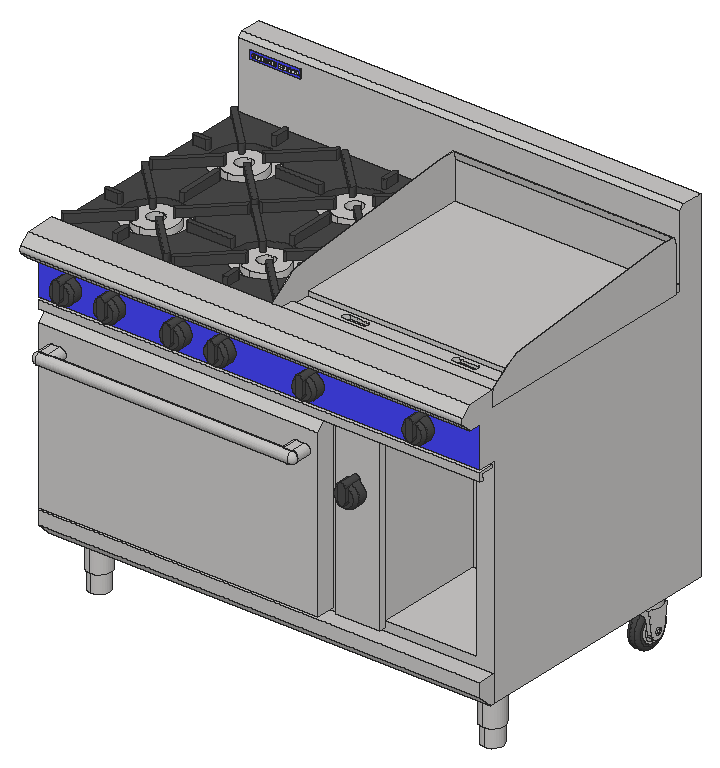
Revit family "QF_MOFFAT_BLUESEAL_CE_GE58B", category Specialty Equipment, Revit 2012
Parameters
  Width = 1200 mm
  Weight in Pounds = 485
  Watts = 6600 W
  Volts = 400 V
  URL Cutsheet = "www.moffat.com"
  URL = "www.moffat.com"
  Type Mark [instance] = ""
  Status [instance] = ""
  Specification by User [instance] = ""
  Specification by Manufacturer = ""
  Show Logo [instance] = yes
  Show Clearance [instance] = yes
  Show Casters [instance] = yes
  Serial Number = ""
  Seismic Rating = ""
  SMACNA No = ""
  Revision Code [instance] = ""
  Phase = 3
  Omniclass Number and Title = ""
  Number of Poles [instance] = 1
  NAFEM Spec ID Number = ""
  Model = "GE58B"
  Min Ckt Ampacity = 0 A
  Mechanical Remarks = ""
  Mechanical Connection Type [instance] = ""
  Max Overcurrent Protection = 0 A
  Masterspec = ""
  Manufacturer = "MOFFAT BLUESEAL"
  Legs [instance] = not(Show Casters)  # no
  Item Number [instance] = ""
  Installed By [instance] = ""
  Identify Quantity as Lot [instance] = yes
  Height = 970 mm
  HP = ""
  Gas Size = 3/4"
  Gas RI Height [instance] = 0 mm
  Gas KW [instance] = 40
  Gas Input [instance] = 137000.0 Btu/h
  Gas Connection Height = 0 mm
  Furnished By [instance] = ""
  Foodservice Equipment Identifier [instance] = yes
  FL Amps = 9.4 A
  Electrical Remarks = "9.4A PER PHASE"
  Electric Connection Type = ""
  Elec Conn RI Height = 0 mm
  Elec Conn Connection Height = 0 mm
  Description = "1200MM GAS RANGE WITH ELECTRIC CONVECTION OVEN"
  Depth = 812 mm
  Cycle = 50 Hz
  Conn Plug = ""
  Conn Conduit = yes
  CSI MasterFormat = ""
  CSI Master Format = ""
  Body Finish = QF_Finishes_Stainless Steel
  Apparent Power = 0 VA
Reference planes
  plane 1 "BACK": y = 0
  plane 2: z = 0
  plane 3 "LEFT": x = 0
  plane 4 "RIGHT": x = 1200
  plane 5 "FRONT": y = -812
  plane 6 "TOP": z = 970
  plane 7 "Center Y": x = 600
  plane 8 "Center X": y = -406
  plane 9: x = 280
  plane 10: y = -574.272
  plane 11: x = 60
  plane 12: y = -304.972
  plane 13: y = -364.972
  plane 14: x = 74
  plane 15: y = -812
  plane 16: x = 1134.5
  plane 17: y = -32
  plane 18: z = 655
  plane 19: x = 65.5
  plane 20: x = 65.8
  plane 21: z = 1085
  plane 22: y = -705
Forms (mm)
  Extrusion 1, solid, material "QF_Finishes_Stainless Steel" <- "Body Finish"
    sketch origin (0, 0, 0) x (0, 1, 0) y (0, 0, 1)
      loop
        line (0, 150) -> (0, 1085) -> (-57.5, 1085) -> (-70, 1072.5) -> (-70, 875) -> (-705, 875) -> (-705, 915) -> (-783.97, 915) -> (-808.49, 890.48)
        arc (-808.49, 890.48) -> (-812.002, 882) -> (-808.49, 873.52) r 11.993
        line (-808.49, 873.52) -> (-784.97, 850) -> (-749, 850) -> (-749, 740) -> (-699, 740) -> (-699, 150) -> (0, 150)
      loop
        line (-749, 222.5) -> (-749, 186) -> (-713.071, 150.071) -> (-703.2, 150.071) -> (-703.2, 222.5) -> (-749, 222.5)
      loop
        line (-749, 710) -> (-740.224, 710) -> (-742.613, 726.999) -> (-707.93, 726.999) -> (-707.93, 734.003) -> (-749, 734.003) -> (-749, 710)
    from 0 to 1200
  Extrusion 2, solid, material "QF_Finishes_Stainless Steel"
    sketch origin (0, 7, 0) x (0, 1, 0) y (0, 0, 1)
      loop
        line (-706, 700) -> (-732, 700) -> (-756, 676) -> (-756, 227.5) -> (-706, 227.5) -> (-706, 700)
    from 0 to 760
  Extrusion 3, solid, material "QF_Finishes_Stainless Steel"
    sketch origin (723.5, 7, 0) x (0, 1, 0) y (0, 0, 1)
      loop
        line (-706, 700) -> (-721, 700) -> (-721, 227.5) -> (-706, 227.5) -> (-706, 700)
    from 56.898 to 176.5
  Revolve 4, solid, material "QF_Finishes_Stainless Steel" <- "Body Finish"
    sketch origin (1134.5, -696.126, 0) x (0, 1, 0) y (0, 0, -1)
      loop
        line (39.376, -150) -> (71.126, -150) -> (71.126, 0) -> (43.626, 0) -> (43.626, -50) -> (39.376, -50) -> (39.376, -150)
      axis (71.126, -150) -> (71.126, 0)
    angle from 0 to 360
  Revolve 5, solid, material "QF_Finishes_Stainless Steel" <- "Body Finish"
    sketch origin (65.5, -696.126, 0) x (0, 1, 0) y (0, 0, 1)
      loop
        line (39.376, 150) -> (39.376, 50) -> (43.626, 50) -> (43.626, 0) -> (71.126, 0) -> (71.126, 150) -> (39.376, 150)
      axis (71.126, 150) -> (71.126, 0)
    angle from 0 to 360
  Extrusion 6, solid, material "QF_Finishes_Stainless Steel"
    sketch origin (-64.5, 0, 325) x (1, 0, 0) y (0, 1, 0)
      loop
        circle (1134.5, -32) r 10
    from 330 to 374.856
  Extrusion 7, void
    sketch origin (0, -703.73, 150) x (0, 0, -1) y (-1, 0, 0)
      loop
        line (-526, -900) -> (-526, -1150) -> (-96, -1150) -> (-96, -900) -> (-526, -900)
    from 0 to 304.8
  Extrusion 8, solid, material "QF_Finishes_Black"
    sketch origin (0, -70, 875) x (0, -1, 0) y (1, 0, 0)
      loop
        arc (1, 4) -> (1.879, 1.879) -> (4, 1) r 3
        line (4, 1) -> (632, 1)
        arc (632, 1) -> (634.121, 1.879) -> (635, 4) r 3
        line (635, 4) -> (635, 597)
        arc (635, 597) -> (634.121, 599.121) -> (632, 600) r 3
        line (632, 600) -> (4, 600)
        arc (4, 600) -> (1.879, 599.121) -> (1, 597) r 3
        line (1, 597) -> (1, 4)
      loop
        circle (167.5, 150) r 85
      loop
        circle (167.5, 450) r 85
      loop
        circle (467.768, 150) r 85
      loop
        circle (467.768, 450) r 85
    from 0 to 19.5
  Extrusion 9, solid, material "QF_Finishes_Black"
    sketch origin (0, -70, 894.5) x (0, -1, 0) y (1, 0, 0)
      loop
        spline (327.102, 15.153) -> (326.181, 13.924) -> (325.631, 12.47) -> (325.49, 10.89) -> (325.767, 9.292) -> (326.443, 7.786) -> (327.473, 6.473) -> (328.786, 5.443) -> (330.292, 4.767) -> (331.89, 4.49) -> (333.47, 4.631) -> (334.924, 5.181) -> (336.153, 6.102)
        line (336.153, 6.102) -> (444.076, 114.025)
        spline (444.076, 114.025) -> (444.837, 115.095) -> (445.238, 116.399) -> (445.251, 117.851) -> (444.875, 119.35) -> (444.137, 120.795) -> (443.086, 122.086) -> (441.795, 123.137) -> (440.35, 123.875) -> (438.851, 124.251) -> (437.399, 124.238) -> (436.095, 123.837) -> (435.025, 123.076)
        line (435.025, 123.076) -> (327.102, 15.153)
      loop
        line (611.398, 15.153) -> (503.475, 123.076)
        spline (503.475, 123.076) -> (502.405, 123.837) -> (501.101, 124.238) -> (499.649, 124.251) -> (498.15, 123.875) -> (496.705, 123.137) -> (495.414, 122.086) -> (494.363, 120.795) -> (493.625, 119.35) -> (493.249, 117.851) -> (493.262, 116.399) -> (493.663, 115.095) -> (494.424, 114.025)
        line (494.424, 114.025) -> (602.347, 6.102)
        spline (602.347, 6.102) -> (603.416, 5.341) -> (604.721, 4.941) -> (606.172, 4.928) -> (607.671, 5.303) -> (609.116, 6.041) -> (610.408, 7.092) -> (611.459, 8.384) -> (612.197, 9.829) -> (612.572, 11.328) -> (612.559, 12.779) -> (612.159, 14.084) -> (611.398, 15.153)
      loop
        spline (379.102, 143.6) -> (380.396, 143.818) -> (381.602, 144.457) -> (382.638, 145.475) -> (383.432, 146.8) -> (383.932, 148.344) -> (384.102, 150) -> (383.932, 151.656) -> (383.432, 153.2) -> (382.638, 154.525) -> (381.602, 155.543) -> (380.396, 156.182) -> (379.102, 156.4)
        line (379.102, 156.4) -> (259.398, 156.4)
        spline (259.398, 156.4) -> (258.104, 156.182) -> (256.898, 155.543) -> (255.862, 154.525) -> (255.068, 153.2) -> (254.568, 151.656) -> (254.398, 150) -> (254.568, 148.344) -> (255.068, 146.8) -> (255.862, 145.475) -> (256.898, 144.457) -> (258.104, 143.818) -> (259.398, 143.6)
        line (259.398, 143.6) -> (379.102, 143.6)
      loop
        spline (23.602, 15.153) -> (22.681, 13.924) -> (22.131, 12.47) -> (21.99, 10.89) -> (22.267, 9.292) -> (22.943, 7.786) -> (23.973, 6.473) -> (25.286, 5.443) -> (26.792, 4.767) -> (28.39, 4.49) -> (29.97, 4.631) -> (31.424, 5.181) -> (32.653, 6.102)
        line (32.653, 6.102) -> (140.576, 114.025)
        spline (140.576, 114.025) -> (141.337, 115.095) -> (141.738, 116.399) -> (141.751, 117.851) -> (141.375, 119.35) -> (140.637, 120.795) -> (139.586, 122.086) -> (138.295, 123.137) -> (136.85, 123.875) -> (135.351, 124.251) -> (133.899, 124.238) -> (132.595, 123.837) -> (131.525, 123.076)
        line (131.525, 123.076) -> (23.602, 15.153)
      loop
        line (311.398, 15.153) -> (203.475, 123.076)
        spline (203.475, 123.076) -> (202.405, 123.837) -> (201.101, 124.238) -> (199.649, 124.251) -> (198.15, 123.875) -> (196.705, 123.137) -> (195.414, 122.086) -> (194.363, 120.795) -> (193.625, 119.35) -> (193.249, 117.851) -> (193.262, 116.399) -> (193.663, 115.095) -> (194.424, 114.025)
        line (194.424, 114.025) -> (302.347, 6.102)
        spline (302.347, 6.102) -> (303.416, 5.341) -> (304.721, 4.941) -> (306.172, 4.928) -> (307.671, 5.303) -> (309.116, 6.041) -> (310.408, 7.092) -> (311.459, 8.384) -> (312.197, 9.829) -> (312.572, 11.328) -> (312.559, 12.779) -> (312.159, 14.084) -> (311.398, 15.153)
      loop
        line (327.102, 284.847) -> (435.025, 176.924)
        spline (435.025, 176.924) -> (436.095, 176.163) -> (437.399, 175.762) -> (438.851, 175.749) -> (440.35, 176.125) -> (441.795, 176.863) -> (443.086, 177.914) -> (444.137, 179.205) -> (444.875, 180.65) -> (445.251, 182.149) -> (445.238, 183.601) -> (444.837, 184.905) -> (444.076, 185.975)
        line (444.076, 185.975) -> (336.153, 293.898)
        spline (336.153, 293.898) -> (334.924, 294.819) -> (333.47, 295.369) -> (331.89, 295.51) -> (330.292, 295.233) -> (328.786, 294.557) -> (327.473, 293.527) -> (326.443, 292.214) -> (325.767, 290.708) -> (325.49, 289.11) -> (325.631, 287.53) -> (326.181, 286.076) -> (327.102, 284.847)
      loop
        spline (611.398, 284.847) -> (612.159, 285.916) -> (612.559, 287.221) -> (612.572, 288.672) -> (612.197, 290.171) -> (611.459, 291.616) -> (610.408, 292.908) -> (609.116, 293.959) -> (607.671, 294.697) -> (606.172, 295.072) -> (604.721, 295.059) -> (603.416, 294.659) -> (602.347, 293.898)
        line (602.347, 293.898) -> (494.424, 185.975)
        spline (494.424, 185.975) -> (493.663, 184.905) -> (493.262, 183.601) -> (493.249, 182.149) -> (493.625, 180.65) -> (494.363, 179.205) -> (495.414, 177.914) -> (496.705, 176.863) -> (498.15, 176.125) -> (499.649, 175.749) -> (501.101, 175.762) -> (502.405, 176.163) -> (503.475, 176.924)
        line (503.475, 176.924) -> (611.398, 284.847)
      loop
        spline (461.1, 241.898) -> (461.318, 240.604) -> (461.957, 239.398) -> (462.975, 238.362) -> (464.3, 237.568) -> (465.844, 237.068) -> (467.5, 236.898) -> (469.156, 237.068) -> (470.7, 237.568) -> (472.025, 238.362) -> (473.043, 239.398) -> (473.682, 240.604) -> (473.9, 241.898)
        line (473.9, 241.898) -> (473.9, 358.102)
        spline (473.9, 358.102) -> (473.682, 359.396) -> (473.043, 360.602) -> (472.025, 361.638) -> (470.7, 362.432) -> (469.156, 362.932) -> (467.5, 363.102) -> (465.844, 362.932) -> (464.3, 362.432) -> (462.975, 361.638) -> (461.957, 360.602) -> (461.318, 359.396) -> (461.1, 358.102)
        line (461.1, 358.102) -> (461.1, 241.898)
      loop
        line (23.602, 284.847) -> (131.525, 176.924)
        spline (131.525, 176.924) -> (132.595, 176.163) -> (133.899, 175.762) -> (135.351, 175.749) -> (136.85, 176.125) -> (138.295, 176.863) -> (139.586, 177.914) -> (140.637, 179.205) -> (141.375, 180.65) -> (141.751, 182.149) -> (141.738, 183.601) -> (141.337, 184.905) -> (140.576, 185.975)
        line (140.576, 185.975) -> (32.653, 293.898)
        spline (32.653, 293.898) -> (31.424, 294.819) -> (29.97, 295.369) -> (28.39, 295.51) -> (26.792, 295.233) -> (25.286, 294.557) -> (23.973, 293.527) -> (22.943, 292.214) -> (22.267, 290.708) -> (21.99, 289.11) -> (22.131, 287.53) -> (22.681, 286.076) -> (23.602, 284.847)
      loop
        spline (311.398, 284.847) -> (312.159, 285.916) -> (312.559, 287.221) -> (312.572, 288.672) -> (312.197, 290.171) -> (311.459, 291.616) -> (310.408, 292.908) -> (309.116, 293.959) -> (307.671, 294.697) -> (306.172, 295.072) -> (304.721, 295.059) -> (303.416, 294.659) -> (302.347, 293.898)
        line (302.347, 293.898) -> (194.424, 185.975)
        spline (194.424, 185.975) -> (193.663, 184.905) -> (193.262, 183.601) -> (193.249, 182.149) -> (193.625, 180.65) -> (194.363, 179.205) -> (195.414, 177.914) -> (196.705, 176.863) -> (198.15, 176.125) -> (199.649, 175.749) -> (201.101, 175.762) -> (202.405, 176.163) -> (203.475, 176.924)
        line (203.475, 176.924) -> (311.398, 284.847)
      loop
        spline (161.1, 241.898) -> (161.318, 240.604) -> (161.957, 239.398) -> (162.975, 238.362) -> (164.3, 237.568) -> (165.844, 237.068) -> (167.5, 236.898) -> (169.156, 237.068) -> (170.7, 237.568) -> (172.025, 238.362) -> (173.043, 239.398) -> (173.682, 240.604) -> (173.9, 241.898)
        line (173.9, 241.898) -> (173.9, 358.102)
        spline (173.9, 358.102) -> (173.682, 359.396) -> (173.043, 360.602) -> (172.025, 361.638) -> (170.7, 362.432) -> (169.156, 362.932) -> (167.5, 363.102) -> (165.844, 362.932) -> (164.3, 362.432) -> (162.975, 361.638) -> (161.957, 360.602) -> (161.318, 359.396) -> (161.1, 358.102)
        line (161.1, 358.102) -> (161.1, 241.898)
      loop
        line (379.102, 456.4) -> (259.398, 456.4)
        spline (259.398, 456.4) -> (258.104, 456.182) -> (256.898, 455.543) -> (255.862, 454.525) -> (255.068, 453.2) -> (254.568, 451.656) -> (254.398, 450) -> (254.568, 448.344) -> (255.068, 446.8) -> (255.862, 445.475) -> (256.898, 444.457) -> (258.104, 443.818) -> (259.398, 443.6)
        line (259.398, 443.6) -> (379.102, 443.6)
        spline (379.102, 443.6) -> (380.396, 443.818) -> (381.602, 444.457) -> (382.638, 445.475) -> (383.432, 446.8) -> (383.932, 448.344) -> (384.102, 450) -> (383.932, 451.656) -> (383.432, 453.2) -> (382.638, 454.525) -> (381.602, 455.543) -> (380.396, 456.182) -> (379.102, 456.4)
      loop
        spline (327.102, 315.153) -> (326.181, 313.924) -> (325.631, 312.47) -> (325.49, 310.89) -> (325.767, 309.292) -> (326.443, 307.786) -> (327.473, 306.473) -> (328.786, 305.443) -> (330.292, 304.767) -> (331.89, 304.49) -> (333.47, 304.631) -> (334.924, 305.181) -> (336.153, 306.102)
        line (336.153, 306.102) -> (444.076, 414.025)
        spline (444.076, 414.025) -> (444.837, 415.095) -> (445.238, 416.399) -> (445.251, 417.851) -> (444.875, 419.35) -> (444.137, 420.795) -> (443.086, 422.086) -> (441.795, 423.137) -> (440.35, 423.875) -> (438.851, 424.251) -> (437.399, 424.238) -> (436.095, 423.837) -> (435.025, 423.076)
        line (435.025, 423.076) -> (327.102, 315.153)
      loop
        line (611.398, 315.153) -> (503.475, 423.076)
        spline (503.475, 423.076) -> (502.405, 423.837) -> (501.101, 424.238) -> (499.649, 424.251) -> (498.15, 423.875) -> (496.705, 423.137) -> (495.414, 422.086) -> (494.363, 420.795) -> (493.625, 419.35) -> (493.249, 417.851) -> (493.262, 416.399) -> (493.663, 415.095) -> (494.424, 414.025)
        line (494.424, 414.025) -> (602.347, 306.102)
        spline (602.347, 306.102) -> (603.416, 305.341) -> (604.721, 304.941) -> (606.172, 304.928) -> (607.671, 305.303) -> (609.116, 306.041) -> (610.408, 307.092) -> (611.459, 308.384) -> (612.197, 309.829) -> (612.572, 311.328) -> (612.559, 312.779) -> (612.159, 314.084) -> (611.398, 315.153)
      loop
        spline (23.602, 315.153) -> (22.681, 313.924) -> (22.131, 312.47) -> (21.99, 310.89) -> (22.267, 309.292) -> (22.943, 307.786) -> (23.973, 306.473) -> (25.286, 305.443) -> (26.792, 304.767) -> (28.39, 304.49) -> (29.97, 304.631) -> (31.424, 305.181) -> (32.653, 306.102)
        line (32.653, 306.102) -> (140.576, 414.025)
        spline (140.576, 414.025) -> (141.337, 415.095) -> (141.738, 416.399) -> (141.751, 417.851) -> (141.375, 419.35) -> (140.637, 420.795) -> (139.586, 422.086) -> (138.295, 423.137) -> (136.85, 423.875) -> (135.351, 424.251) -> (133.899, 424.238) -> (132.595, 423.837) -> (131.525, 423.076)
        line (131.525, 423.076) -> (23.602, 315.153)
      loop
        line (311.398, 315.153) -> (203.475, 423.076)
        spline (203.475, 423.076) -> (202.405, 423.837) -> (201.101, 424.238) -> (199.649, 424.251) -> (198.15, 423.875) -> (196.705, 423.137) -> (195.414, 422.086) -> (194.363, 420.795) -> (193.625, 419.35) -> (193.249, 417.851) -> (193.262, 416.399) -> (193.663, 415.095) -> (194.424, 414.025)
        line (194.424, 414.025) -> (302.347, 306.102)
        spline (302.347, 306.102) -> (303.416, 305.341) -> (304.721, 304.941) -> (306.172, 304.928) -> (307.671, 305.303) -> (309.116, 306.041) -> (310.408, 307.092) -> (311.459, 308.384) -> (312.197, 309.829) -> (312.572, 311.328) -> (312.559, 312.779) -> (312.159, 314.084) -> (311.398, 315.153)
      loop
        line (327.102, 584.847) -> (435.025, 476.924)
        spline (435.025, 476.924) -> (436.095, 476.163) -> (437.399, 475.762) -> (438.851, 475.749) -> (440.35, 476.125) -> (441.795, 476.863) -> (443.086, 477.914) -> (444.137, 479.205) -> (444.875, 480.65) -> (445.251, 482.149) -> (445.238, 483.601) -> (444.837, 484.905) -> (444.076, 485.975)
        line (444.076, 485.975) -> (336.153, 593.898)
        spline (336.153, 593.898) -> (334.924, 594.819) -> (333.47, 595.369) -> (331.89, 595.51) -> (330.292, 595.233) -> (328.786, 594.557) -> (327.473, 593.527) -> (326.443, 592.214) -> (325.767, 590.708) -> (325.49, 589.11) -> (325.631, 587.53) -> (326.181, 586.076) -> (327.102, 584.847)
      loop
        spline (611.398, 584.847) -> (612.159, 585.916) -> (612.559, 587.221) -> (612.572, 588.672) -> (612.197, 590.171) -> (611.459, 591.616) -> (610.408, 592.908) -> (609.116, 593.959) -> (607.671, 594.697) -> (606.172, 595.072) -> (604.721, 595.059) -> (603.416, 594.659) -> (602.347, 593.898)
        line (602.347, 593.898) -> (494.424, 485.975)
        spline (494.424, 485.975) -> (493.663, 484.905) -> (493.262, 483.601) -> (493.249, 482.149) -> (493.625, 480.65) -> (494.363, 479.205) -> (495.414, 477.914) -> (496.705, 476.863) -> (498.15, 476.125) -> (499.649, 475.749) -> (501.101, 475.762) -> (502.405, 476.163) -> (503.475, 476.924)
        line (503.475, 476.924) -> (611.398, 584.847)
      loop
        line (23.602, 584.847) -> (131.525, 476.924)
        spline (131.525, 476.924) -> (132.595, 476.163) -> (133.899, 475.762) -> (135.351, 475.749) -> (136.85, 476.125) -> (138.295, 476.863) -> (139.586, 477.914) -> (140.637, 479.205) -> (141.375, 480.65) -> (141.751, 482.149) -> (141.738, 483.601) -> (141.337, 484.905) -> (140.576, 485.975)
        line (140.576, 485.975) -> (32.653, 593.898)
        spline (32.653, 593.898) -> (31.424, 594.819) -> (29.97, 595.369) -> (28.39, 595.51) -> (26.792, 595.233) -> (25.286, 594.557) -> (23.973, 593.527) -> (22.943, 592.214) -> (22.267, 590.708) -> (21.99, 589.11) -> (22.131, 587.53) -> (22.681, 586.076) -> (23.602, 584.847)
      loop
        spline (311.398, 584.847) -> (312.159, 585.916) -> (312.559, 587.221) -> (312.572, 588.672) -> (312.197, 590.171) -> (311.459, 591.616) -> (310.408, 592.908) -> (309.116, 593.959) -> (307.671, 594.697) -> (306.172, 595.072) -> (304.721, 595.059) -> (303.416, 594.659) -> (302.347, 593.898)
        line (302.347, 593.898) -> (194.424, 485.975)
        spline (194.424, 485.975) -> (193.663, 484.905) -> (193.262, 483.601) -> (193.249, 482.149) -> (193.625, 480.65) -> (194.363, 479.205) -> (195.414, 477.914) -> (196.705, 476.863) -> (198.15, 476.125) -> (199.649, 475.749) -> (201.101, 475.762) -> (202.405, 476.163) -> (203.475, 476.924)
        line (203.475, 476.924) -> (311.398, 584.847)
      loop
        spline (473.9, 592.104) -> (473.682, 593.398) -> (473.043, 594.604) -> (472.025, 595.64) -> (470.7, 596.434) -> (469.156, 596.934) -> (467.5, 597.104) -> (465.844, 596.934) -> (464.3, 596.434) -> (462.975, 595.64) -> (461.957, 594.604) -> (461.318, 593.398) -> (461.1, 592.104)
        line (461.1, 592.104) -> (461.1, 542.13)
        spline (461.1, 542.13) -> (461.318, 540.836) -> (461.957, 539.63) -> (462.975, 538.595) -> (464.3, 537.8) -> (465.844, 537.301) -> (467.5, 537.13) -> (469.156, 537.301) -> (470.7, 537.8) -> (472.025, 538.595) -> (473.043, 539.63) -> (473.682, 540.836) -> (473.9, 542.13)
        line (473.9, 542.13) -> (473.9, 592.104)
      loop
        spline (173.9, 592.104) -> (173.682, 593.398) -> (173.043, 594.604) -> (172.025, 595.64) -> (170.7, 596.434) -> (169.156, 596.934) -> (167.5, 597.104) -> (165.844, 596.934) -> (164.3, 596.434) -> (162.975, 595.64) -> (161.957, 594.604) -> (161.318, 593.398) -> (161.1, 592.104)
        line (161.1, 592.104) -> (161.1, 542.13)
        spline (161.1, 542.13) -> (161.318, 540.836) -> (161.957, 539.63) -> (162.975, 538.595) -> (164.3, 537.8) -> (165.844, 537.301) -> (167.5, 537.13) -> (169.156, 537.301) -> (170.7, 537.8) -> (172.025, 538.595) -> (173.043, 539.63) -> (173.682, 540.836) -> (173.9, 542.13)
        line (173.9, 542.13) -> (173.9, 592.104)
      loop
        spline (65.602, 143.6) -> (66.896, 143.818) -> (68.102, 144.457) -> (69.138, 145.475) -> (69.932, 146.8) -> (70.432, 148.344) -> (70.602, 150) -> (70.432, 151.656) -> (69.932, 153.2) -> (69.138, 154.525) -> (68.102, 155.543) -> (66.896, 156.182) -> (65.602, 156.4)
        line (65.602, 156.4) -> (29.398, 156.4)
        spline (29.398, 156.4) -> (28.104, 156.182) -> (26.898, 155.543) -> (25.862, 154.525) -> (25.068, 153.2) -> (24.568, 151.656) -> (24.398, 150) -> (24.568, 148.344) -> (25.068, 146.8) -> (25.862, 145.475) -> (26.898, 144.457) -> (28.104, 143.818) -> (29.398, 143.6)
        line (29.398, 143.6) -> (65.602, 143.6)
      loop
        spline (65.602, 443.6) -> (66.896, 443.818) -> (68.102, 444.457) -> (69.138, 445.475) -> (69.932, 446.8) -> (70.432, 448.344) -> (70.602, 450) -> (70.432, 451.656) -> (69.932, 453.2) -> (69.138, 454.525) -> (68.102, 455.543) -> (66.896, 456.182) -> (65.602, 456.4)
        line (65.602, 456.4) -> (29.398, 456.4)
        spline (29.398, 456.4) -> (28.104, 456.182) -> (26.898, 455.543) -> (25.862, 454.525) -> (25.068, 453.2) -> (24.568, 451.656) -> (24.398, 450) -> (24.568, 448.344) -> (25.068, 446.8) -> (25.862, 445.475) -> (26.898, 444.457) -> (28.104, 443.818) -> (29.398, 443.6)
        line (29.398, 443.6) -> (65.602, 443.6)
      loop
        spline (605.602, 143.6) -> (606.896, 143.818) -> (608.102, 144.457) -> (609.138, 145.475) -> (609.932, 146.8) -> (610.432, 148.344) -> (610.602, 150) -> (610.432, 151.656) -> (609.932, 153.2) -> (609.138, 154.525) -> (608.102, 155.543) -> (606.896, 156.182) -> (605.602, 156.4)
        line (605.602, 156.4) -> (569.398, 156.4)
        spline (569.398, 156.4) -> (568.104, 156.182) -> (566.898, 155.543) -> (565.862, 154.525) -> (565.068, 153.2) -> (564.568, 151.656) -> (564.398, 150) -> (564.568, 148.344) -> (565.068, 146.8) -> (565.862, 145.475) -> (566.898, 144.457) -> (568.104, 143.818) -> (569.398, 143.6)
        line (569.398, 143.6) -> (605.602, 143.6)
      loop
        spline (605.602, 443.6) -> (606.896, 443.818) -> (608.102, 444.457) -> (609.138, 445.475) -> (609.932, 446.8) -> (610.432, 448.344) -> (610.602, 450) -> (610.432, 451.656) -> (609.932, 453.2) -> (609.138, 454.525) -> (608.102, 455.543) -> (606.896, 456.182) -> (605.602, 456.4)
        line (605.602, 456.4) -> (569.398, 456.4)
        spline (569.398, 456.4) -> (568.104, 456.182) -> (566.898, 455.543) -> (565.862, 454.525) -> (565.068, 453.2) -> (564.568, 451.656) -> (564.398, 450) -> (564.568, 448.344) -> (565.068, 446.8) -> (565.862, 445.475) -> (566.898, 444.457) -> (568.104, 443.818) -> (569.398, 443.6)
        line (569.398, 443.6) -> (605.602, 443.6)
      loop
        line (460.626, 50.584) -> (460.626, 16.591)
        spline (460.626, 16.591) -> (460.844, 15.297) -> (461.483, 14.091) -> (462.501, 13.055) -> (463.826, 12.261) -> (465.37, 11.761) -> (467.026, 11.591) -> (468.682, 11.761) -> (470.226, 12.261) -> (471.551, 13.055) -> (472.569, 14.091) -> (473.208, 15.297) -> (473.426, 16.591)
        line (473.426, 16.591) -> (473.426, 50.584)
        spline (473.426, 50.584) -> (473.208, 51.878) -> (472.569, 53.084) -> (471.551, 54.119) -> (470.226, 54.914) -> (468.682, 55.413) -> (467.026, 55.584) -> (465.37, 55.413) -> (463.826, 54.914) -> (462.501, 54.119) -> (461.483, 53.084) -> (460.844, 51.878) -> (460.626, 50.584)
      loop
        line (160.11, 50.584) -> (160.11, 16.591)
        spline (160.11, 16.591) -> (160.328, 15.297) -> (160.967, 14.091) -> (161.984, 13.055) -> (163.31, 12.261) -> (164.853, 11.761) -> (166.51, 11.591) -> (168.166, 11.761) -> (169.71, 12.261) -> (171.035, 13.055) -> (172.052, 14.091) -> (172.692, 15.297) -> (172.91, 16.591)
        line (172.91, 16.591) -> (172.91, 50.584)
        spline (172.91, 50.584) -> (172.692, 51.878) -> (172.052, 53.084) -> (171.035, 54.119) -> (169.71, 54.914) -> (168.166, 55.413) -> (166.51, 55.584) -> (164.853, 55.413) -> (163.31, 54.914) -> (161.984, 54.119) -> (160.967, 53.084) -> (160.328, 51.878) -> (160.11, 50.584)
    from 0 to 23.5
  Revolve 10, solid, material "QF_Finishes_Black"
    sketch origin (750.113, 45.874, -0.118) x (0, 1, 0) y (0, 0, 1)
      loop
        line (-827.874, 829.5) -> (-838.874, 823.651) -> (-838.874, 797) -> (-794.874, 797) -> (-794.874, 802) -> (-804.874, 802) -> (-804.874, 829.5) -> (-827.874, 829.5)
      axis (-838.874, 797) -> (-794.874, 797)
    angle from 0 to 360
  Revolve 11, solid, material "QF_Finishes_Black"
    sketch origin (90.649, 45.874, -0.118) x (0, 1, 0) y (0, 0, -1)
      loop
        line (-827.874, -829.5) -> (-804.874, -829.5) -> (-804.874, -802) -> (-794.874, -802) -> (-794.874, -797) -> (-838.874, -797) -> (-838.874, -823.651) -> (-827.874, -829.5)
      axis (-838.874, -797) -> (-794.874, -797)
    angle from 0 to 360
  Revolve 12, solid, material "QF_Finishes_Black"
    sketch origin (210.649, 45.874, -0.118) x (0, 1, 0) y (0, 0, -1)
      loop
        line (-827.874, -829.5) -> (-804.874, -829.5) -> (-804.874, -802) -> (-794.874, -802) -> (-794.874, -797) -> (-838.874, -797) -> (-838.874, -823.651) -> (-827.874, -829.5)
      axis (-838.874, -797) -> (-794.874, -797)
    angle from 0 to 360
  Revolve 13, solid, material "QF_Finishes_Black"
    sketch origin (390.625, 45.874, -0.118) x (0, 1, 0) y (0, 0, -1)
      loop
        line (-827.874, -829.5) -> (-804.874, -829.5) -> (-804.874, -802) -> (-794.874, -802) -> (-794.874, -797) -> (-838.874, -797) -> (-838.874, -823.651) -> (-827.874, -829.5)
      axis (-838.874, -797) -> (-794.874, -797)
    angle from 0 to 360
  Revolve 14, solid, material "QF_Finishes_Black"
    sketch origin (510.625, 45.874, -0.118) x (0, 1, 0) y (0, 0, -1)
      loop
        line (-827.874, -829.5) -> (-804.874, -829.5) -> (-804.874, -802) -> (-794.874, -802) -> (-794.874, -797) -> (-838.874, -797) -> (-838.874, -823.651) -> (-827.874, -829.5)
      axis (-838.874, -797) -> (-794.874, -797)
    angle from 0 to 360
  Revolve 15, solid, material "QF_Finishes_Black"
    sketch origin (1049.887, 45.874, -0.118) x (0, 1, 0) y (0, 0, 1)
      loop
        line (-827.874, 829.5) -> (-838.874, 823.651) -> (-838.874, 797) -> (-794.874, 797) -> (-794.874, 802) -> (-804.874, 802) -> (-804.874, 829.5) -> (-827.874, 829.5)
      axis (-838.874, 797) -> (-794.874, 797)
    angle from 0 to 360
  Extrusion 16, solid, material "QF_Finishes_Black"
    sketch origin (238.456, 7, -0.118) x (-1, 0, 0) y (0, 0, -1)
      loop
        arc (158.3, -789) -> (148.3, -779) -> (138.3, -789) r 10
        line (138.3, -789) -> (138.3, -824)
        arc (138.3, -824) -> (148.3, -834) -> (158.3, -824) r 10
        line (158.3, -824) -> (158.3, -789)
    from 759 to 808
  Extrusion 17, solid, material "QF_Finishes_Black"
    sketch origin (358.456, 7, -0.118) x (-1, 0, 0) y (0, 0, -1)
      loop
        arc (158.3, -789) -> (148.3, -779) -> (138.3, -789) r 10
        line (138.3, -789) -> (138.3, -824)
        arc (138.3, -824) -> (148.3, -834) -> (158.3, -824) r 10
        line (158.3, -824) -> (158.3, -789)
    from 759 to 808
  Extrusion 18, solid, material "QF_Finishes_Black"
    sketch origin (538.432, 7, -0.118) x (-1, 0, 0) y (0, 0, -1)
      loop
        arc (158.3, -789) -> (148.3, -779) -> (138.3, -789) r 10
        line (138.3, -789) -> (138.3, -824)
        arc (138.3, -824) -> (148.3, -834) -> (158.3, -824) r 10
        line (158.3, -824) -> (158.3, -789)
    from 759 to 808
  Extrusion 19, solid, material "QF_Finishes_Black"
    sketch origin (658.432, 7, -0.118) x (-1, 0, 0) y (0, 0, -1)
      loop
        arc (158.3, -789) -> (148.3, -779) -> (138.3, -789) r 10
        line (138.3, -789) -> (138.3, -824)
        arc (138.3, -824) -> (148.3, -834) -> (158.3, -824) r 10
        line (158.3, -824) -> (158.3, -789)
    from 759 to 808
  Extrusion 20, solid, material "QF_Finishes_Black"
    sketch origin (897.92, 7, -0.118) x (-1, 0, 0) y (0, 0, -1)
      loop
        arc (158.3, -789) -> (148.3, -779) -> (138.3, -789) r 10
        line (138.3, -789) -> (138.3, -824)
        arc (138.3, -824) -> (148.3, -834) -> (158.3, -824) r 10
        line (158.3, -824) -> (158.3, -789)
    from 759 to 808
  Extrusion 21, solid, material "QF_Finishes_Black"
    sketch origin (1197.694, 7, -0.118) x (-1, 0, 0) y (0, 0, -1)
      loop
        arc (158.3, -789) -> (148.3, -779) -> (138.3, -789) r 10
        line (138.3, -789) -> (138.3, -824)
        arc (138.3, -824) -> (148.3, -834) -> (158.3, -824) r 10
        line (158.3, -824) -> (158.3, -789)
    from 759 to 808
  Revolve 22, solid, material "QF_Finishes_Black"
    sketch origin (836.851, 80.874, -246.368) x (0, 1, 0) y (0, 0, 1)
      loop
        line (-827.874, 829.5) -> (-838.874, 823.651) -> (-838.874, 797) -> (-794.874, 797) -> (-794.874, 802) -> (-804.874, 802) -> (-804.874, 829.5) -> (-827.874, 829.5)
      axis (-838.874, 797) -> (-794.874, 797)
    angle from 0 to 360
  Extrusion 23, solid, material "QF_Finishes_Black"
    sketch origin (389.044, 42, -246.368) x (1, 0, 0) y (0, 0, 1)
      loop
        line (458.3, 789) -> (458.3, 824)
        arc (458.3, 824) -> (448.3, 834) -> (438.3, 824) r 10
        line (438.3, 824) -> (438.3, 789)
        arc (438.3, 789) -> (448.3, 779) -> (458.3, 789) r 10
    from 759 to 808
  Extrusion 24, solid, material "QF_Door-Drawer Clearances", visible <- "Show Clearance", detail levels coarse
    sketch origin (760, 7, 0) x (0, 1, 0) y (0, 0, 1)
      loop
        arc (-756, 697.347) -> (-1088.232, 559.732) -> (-1225.847, 227.5) r 469.847
        line (-1225.847, 227.5) -> (-756, 227.5) -> (-756, 697.347)
    from 0 to -760
  Extrusion 25, void
    sketch origin (0, 0, 150) x (-1, 0, 0) y (0, -1, 0)
      loop
        line (-1133.988, 87.26) -> (-1133.988, -30.24) -> (-1004.488, -30.24) -> (-1004.488, 38.76) -> (-1052.988, 87.26) -> (-1133.988, 87.26)
    from 72.5 to 549.856
  Extrusion 26, solid, material "QF_Finishes_Stainless Steel"
    sketch origin (0, -749, 227.5) x (0, 0, 1) y (-1, 0, 0)
      loop
        line (380.625, -38.246) -> (380.625, -58.528)
        arc (380.625, -58.528) -> (395.625, -73.528) -> (410.625, -58.528) r 15
        line (410.625, -58.528) -> (410.625, -38.246)
        arc (410.625, -38.246) -> (395.625, -23.246) -> (380.625, -38.246) r 15
      loop
        arc (380.625, -723.039) -> (395.625, -738.039) -> (410.625, -723.039) r 15
        line (410.625, -723.039) -> (410.625, -702.757)
        arc (410.625, -702.757) -> (395.625, -687.757) -> (380.625, -702.757) r 15
        line (380.625, -702.757) -> (380.625, -723.039)
    from 0 to 44
  Revolve 27, solid, material "QF_Finishes_Stainless Steel"
    sketch origin (0, -793, 0) x (1, 0, 0) y (0, 0, 1)
      loop
        arc (738.039, 623.125) -> (733.646, 633.732) -> (723.039, 638.125) r 15
        line (723.039, 638.125) -> (38.246, 638.125)
        arc (38.246, 638.125) -> (27.64, 633.732) -> (23.246, 623.125) r 15
        line (23.246, 623.125) -> (738.039, 623.125)
      axis (738.039, 623.125) -> (23.246, 623.125)
    angle from 0 to 360
  Extrusion 28, solid, material "QF_Finishes_Stainless Steel"
    sketch origin (0, -70, 875) x (0, -1, 0) y (1, 0, 0)
      loop
        circle (167.5, 450) r 57
      loop
        circle (467.5, 450) r 57
      loop
        circle (467.5, 150) r 57
      loop
        circle (167.5, 150) r 57
      loop
        circle (467.5, 150) r 22
      loop
        circle (467.5, 450) r 22
      loop
        circle (167.5, 450) r 22
      loop
        circle (167.5, 150) r 22
    from 0 to 19.5
  Extrusion 29, solid, material "QF_Finishes_Stainless Steel"
    sketch origin (0, 0, 0) x (1, 0, 0) y (0, 1, 0)
      loop
        circle (826, -501) r 6.35
    from 148.072 to 150
  Extrusion 30, solid, material "QF_Finishes_Stainless Steel", visible <- "Show Casters"
    sketch origin (71.501, 133.353, -8.783) x (0, 1, 0) y (0, 0, 1)
      loop
        line (-201.603, 118.783) -> (-265.103, 118.783) -> (-252.746, 53.895)
        arc (-252.746, 53.895) -> (-233.353, 38.783) -> (-213.959, 53.895) r 20
        line (-213.959, 53.895) -> (-201.603, 118.783)
    from -35.667 to 22.923
  Revolve 31, solid, material "QF_Finishes_Stainless Steel", visible <- "Show Casters"
    sketch origin (65, -203, 0) x (0, 1, 0) y (0, 0, 1)
      loop
        line (67.25, 150) -> (67.25, 110) -> (103, 110) -> (103, 150) -> (67.25, 150)
      axis (103, 150) -> (103, 110)
    angle from 0 to 360
  Revolve 32, solid, material "QF_Finishes_Stainless Steel", visible <- "Show Casters"
    sketch origin (1134.5, -203, 0) x (0, 1, 0) y (0, 0, -1)
      loop
        line (67.25, -150) -> (103, -150) -> (103, -110) -> (67.25, -110) -> (67.25, -150)
      axis (103, -150) -> (103, -110)
    angle from 0 to 360
  Revolve 33, solid, material "QF_Finishes_Stainless Steel", visible <- "Show Casters"
    sketch origin (1085.276, -99.755, -13.653) x (1, 0, 0) y (0, 0, 1)
      loop
        line (14.841, 64.453) -> (83.584, 64.453) -> (83.584, 67.958) -> (82.314, 69.228) -> (80.79, 69.228) -> (80.79, 72.674) -> (68.644, 72.674) -> (68.644, 82.639) -> (65.088, 84.692) -> (63.738, 93.028) -> (65.881, 93.028) -> (65.881, 99.378) -> (65.088, 99.378) -> (65.088, 105.728)
        arc (65.088, 105.728) -> (62.298, 112.463) -> (55.563, 115.253) r 9.525
        line (55.563, 115.253) -> (42.863, 115.253)
        arc (42.863, 115.253) -> (36.127, 112.463) -> (33.338, 105.728) r 9.525
        line (33.338, 105.728) -> (33.338, 99.378) -> (32.544, 99.378) -> (32.544, 93.028) -> (34.687, 93.028) -> (33.352, 84.781) -> (29.782, 82.719) -> (29.782, 72.674) -> (17.635, 72.674) -> (17.635, 69.228) -> (16.111, 69.228) -> (14.841, 67.958) -> (14.841, 64.453)
      axis (14.841, 64.453) -> (83.584, 64.453)
    angle from 0 to 360
  Extrusion 34, solid, material "QF_Finishes_Stainless Steel", visible <- "Show Casters"
    sketch origin (1141.001, 133.353, -8.783) x (0, 1, 0) y (0, 0, 1)
      loop
        line (-201.603, 118.783) -> (-265.103, 118.783) -> (-252.746, 53.895)
        arc (-252.746, 53.895) -> (-233.353, 38.783) -> (-213.959, 53.895) r 20
        line (-213.959, 53.895) -> (-201.603, 118.783)
    from -35.667 to 22.923
  Revolve 35, solid, material "QF_Finishes_Stainless Steel", visible <- "Legs"
    sketch origin (65, -165, 0) x (0, 1, 0) y (0, 0, 1)
      loop
        line (33.25, 150) -> (33.25, 50) -> (37.5, 50) -> (37.5, 0) -> (65, 0) -> (65, 150) -> (33.25, 150)
      axis (65, 150) -> (65, 0)
    angle from 0 to 360
  Revolve 36, solid, material "QF_Finishes_Stainless Steel", visible <- "Legs"
    sketch origin (1134.5, -165, 0) x (0, 1, 0) y (0, 0, -1)
      loop
        line (33.25, -150) -> (65, -150) -> (65, 0) -> (37.5, 0) -> (37.5, -50) -> (33.25, -50) -> (33.25, -150)
      axis (65, -150) -> (65, 0)
    angle from 0 to 360
  Revolve 37, solid, material "QF_Finishes_Stainless Steel", visible <- "Show Casters"
    sketch origin (114.224, -99.755, -13.653) x (-1, 0, 0) y (0, 0, -1)
      loop
        line (14.841, -64.453) -> (14.841, -67.958) -> (16.111, -69.228) -> (17.635, -69.228) -> (17.635, -72.674) -> (29.782, -72.674) -> (29.782, -82.719) -> (33.352, -84.781) -> (34.687, -93.028) -> (32.544, -93.028) -> (32.544, -99.378) -> (33.338, -99.378) -> (33.338, -105.728)
        arc (33.338, -105.728) -> (36.127, -112.463) -> (42.863, -115.253) r 9.525
        line (42.863, -115.253) -> (55.563, -115.253)
        arc (55.563, -115.253) -> (62.298, -112.463) -> (65.088, -105.728) r 9.525
        line (65.088, -105.728) -> (65.088, -99.378) -> (65.881, -99.378) -> (65.881, -93.028) -> (63.738, -93.028) -> (65.088, -84.692) -> (68.644, -82.639) -> (68.644, -72.674) -> (80.79, -72.674) -> (80.79, -69.228) -> (82.314, -69.228) -> (83.584, -67.958) -> (83.584, -64.453) -> (14.841, -64.453)
      axis (14.841, -64.453) -> (83.584, -64.453)
    angle from 0 to 360
Cuts and joins
  Extrusion 7, Extrusion 25 cuts Extrusion 1
Lines and regions (mm)
  Split face 1
    outline origin (1200, 0, 1085) x (-1, 0, 0) y (0, -1, 0)
      loop
        arc (935.206, 45.185) -> (926.545, 40.185) -> (926.545, 30.185) r 10
        line (926.545, 30.185) -> (930.587, 23.185)
        arc (930.587, 23.185) -> (934.247, 19.525) -> (939.247, 18.185) r 10
        line (939.247, 18.185) -> (1167.206, 18.185)
        arc (1167.206, 18.185) -> (1175.866, 23.185) -> (1175.866, 33.185) r 10
        line (1175.866, 33.185) -> (1171.824, 40.185)
        arc (1171.824, 40.185) -> (1168.164, 43.845) -> (1163.164, 45.185) r 10
        line (1163.164, 45.185) -> (935.206, 45.185)
  Split face 2
    outline origin (1200, 0, 1085) x (-1, 0, 0) y (0, -1, 0)
      loop
        arc (635.206, 45.185) -> (626.545, 40.185) -> (626.545, 30.185) r 10
        line (626.545, 30.185) -> (630.587, 23.185)
        arc (630.587, 23.185) -> (634.247, 19.525) -> (639.247, 18.185) r 10
        line (639.247, 18.185) -> (867.206, 18.185)
        arc (867.206, 18.185) -> (875.866, 23.185) -> (875.866, 33.185) r 10
        line (875.866, 33.185) -> (871.824, 40.185)
        arc (871.824, 40.185) -> (868.164, 43.845) -> (863.164, 45.185) r 10
        line (863.164, 45.185) -> (635.206, 45.185)
  Split face 3
    outline origin (1200, 0, 1085) x (-1, 0, 0) y (0, -1, 0)
      loop
        arc (335.206, 45.185) -> (326.545, 40.185) -> (326.545, 30.185) r 10
        line (326.545, 30.185) -> (330.587, 23.185)
        arc (330.587, 23.185) -> (334.247, 19.525) -> (339.247, 18.185) r 10
        line (339.247, 18.185) -> (567.206, 18.185)
        arc (567.206, 18.185) -> (575.866, 23.185) -> (575.866, 33.185) r 10
        line (575.866, 33.185) -> (571.824, 40.185)
        arc (571.824, 40.185) -> (568.164, 43.845) -> (563.164, 45.185) r 10
        line (563.164, 45.185) -> (335.206, 45.185)
  Split face 4
    outline origin (1200, 0, 1085) x (-1, 0, 0) y (0, -1, 0)
      loop
        arc (35.206, 45.185) -> (26.545, 40.185) -> (26.545, 30.185) r 10
        line (26.545, 30.185) -> (30.587, 23.185)
        arc (30.587, 23.185) -> (34.247, 19.525) -> (39.247, 18.185) r 10
        line (39.247, 18.185) -> (267.206, 18.185)
        arc (267.206, 18.185) -> (275.866, 23.185) -> (275.866, 33.185) r 10
        line (275.866, 33.185) -> (271.824, 40.185)
        arc (271.824, 40.185) -> (268.164, 43.845) -> (263.164, 45.185) r 10
        line (263.164, 45.185) -> (35.206, 45.185)
  symbolic lines
    curve 1: line (0, 0, 0) -> (0, -812, 0)
    curve 2: line (1200, 0, 0) -> (0, 0, 0)
    curve 3: line (1200, -812, 0) -> (1200, 0, 0)
    curve 4: line (0, -70, 0) -> (1200, -70, 0)
    curve 5: line (1200, -812, 0) -> (0, -812, 0)
    curve 6: line (1200, -708.3, 0) -> (0, -708.3, 0)
    curve 7: line (0, -705, 0) -> (1200, -705, 0)
    curve 8: line (1200, -72.734, 0) -> (0, -72.734, 0)
    curve 9: arc (22.65, -812, 0) -> (34.104, -822.278, 0) -> (48.889, -826.544, 0) r 34.455
    curve 10: line (48.889, -826.544, 0) -> (718.108, -826.544, 0)
    curve 11: arc (718.108, -826.544, 0) -> (732.653, -822.647, 0) -> (743.3, -812, 0) r 29.089
    curve 12: line (6.08, -94.387, 0) -> (121.515, -209.822, 0)
    curve 13: line (293.92, -94.387, 0) -> (178.485, -209.822, 0)
    curve 14: line (6.83, -379.864, 0) -> (121.515, -265.178, 0)
    curve 15: line (292.516, -379.21, 0) -> (178.485, -265.178, 0)
    curve 16: line (362.78, -237.81, 0) -> (237.78, -237.81, 0)
    curve 17: line (362.78, -537.81, 0) -> (237.78, -537.81, 0)
    curve 18: line (6.08, -398.155, 0) -> (121.515, -510.089, 0)
    curve 19: line (293.92, -398.155, 0) -> (178.485, -510.089, 0)
    curve 20: line (9.883, -677.078, 0) -> (121.515, -565.446, 0)
    curve 21: line (291.622, -678.583, 0) -> (178.485, -565.446, 0)
    curve 22: arc (150, -294.5, 0) -> (207, -237.5, 0) -> (150, -180.5, 0) r 57
    curve 23: arc (150, -180.5, 0) -> (93, -237.5, 0) -> (150, -294.5, 0) r 57
    curve 24: arc (150, -594.5, 0) -> (207, -537.5, 0) -> (150, -480.5, 0) r 57
    curve 25: arc (150, -480.5, 0) -> (93, -537.5, 0) -> (150, -594.5, 0) r 57
    curve 26: line (306.08, -94.387, 0) -> (421.515, -209.822, 0)
    curve 27: line (593.92, -94.387, 0) -> (478.485, -209.822, 0)
    curve 28: line (307.269, -379.424, 0) -> (421.515, -265.178, 0)
    curve 29: line (592.673, -379.366, 0) -> (478.485, -265.178, 0)
    curve 30: line (597.78, -237.81, 0) -> (537.78, -237.81, 0)
    curve 31: arc (450, -294.5, 0) -> (507, -237.5, 0) -> (450, -180.5, 0) r 57
    curve 32: arc (450, -180.5, 0) -> (393, -237.5, 0) -> (450, -294.5, 0) r 57
    curve 33: line (306.08, -398.155, 0) -> (421.515, -510.089, 0)
    curve 34: line (593.92, -398.155, 0) -> (478.485, -510.089, 0)
    curve 35: line (308.378, -678.583, 0) -> (421.515, -565.446, 0)
    curve 36: line (593.555, -680.516, 0) -> (478.485, -565.446, 0)
    curve 37: line (149.618, -450.258, 0) -> (149.618, -325.258, 0)
    curve 38: line (449.618, -450.258, 0) -> (449.618, -325.258, 0)
    curve 39: line (597.78, -537.81, 0) -> (537.78, -537.81, 0)
    curve 40: line (149.197, -139.807, 0) -> (149.197, -94.807, 0)
    curve 41: line (149.197, -674.807, 0) -> (149.197, -634.807, 0)
    curve 42: line (449.197, -139.807, 0) -> (449.197, -94.807, 0)
    curve 43: line (449.197, -674.807, 0) -> (449.197, -634.807, 0)
    curve 44: line (49.678, -236.51, 0) -> (14.678, -236.51, 0)
    curve 45: line (49.678, -536.51, 0) -> (14.678, -536.51, 0)
    curve 46: arc (450, -594.5, 0) -> (507, -537.5, 0) -> (450, -480.5, 0) r 57
    curve 47: arc (450, -480.5, 0) -> (393, -537.5, 0) -> (450, -594.5, 0) r 57
    curve 51: arc (150, -322.5, 0) -> (65, -237.5, 0) -> (150, -152.5, 0) r 85
    curve 52: arc (150, -152.5, 0) -> (235, -237.5, 0) -> (150, -322.5, 0) r 85
    curve 53: arc (450, -322.5, 0) -> (365, -237.5, 0) -> (450, -152.5, 0) r 85
    curve 54: arc (450, -152.5, 0) -> (535, -237.5, 0) -> (450, -322.5, 0) r 85
    curve 55: arc (150, -452.768, 0) -> (235, -537.768, 0) -> (150, -622.768, 0) r 85
    curve 56: arc (150, -622.768, 0) -> (65, -537.768, 0) -> (150, -452.768, 0) r 85
    curve 57: arc (450, -622.768, 0) -> (365, -537.768, 0) -> (450, -452.768, 0) r 85
    curve 58: arc (450, -452.768, 0) -> (535, -537.768, 0) -> (450, -622.768, 0) r 85
    curve 59: line (300.232, -72.734, 0) -> (300.232, -705, 0)
    curve 60: line (0, -390.308, 0) -> (600, -390.308, 0)
    curve 61: line (600, -72.734, 0) -> (600, -705, 0)
    curve 62: arc (150, -215.5, 0) -> (172, -237.5, 0) -> (150, -259.5, 0) r 22
    curve 63: arc (150, -259.5, 0) -> (128, -237.5, 0) -> (150, -215.5, 0) r 22
    curve 64: arc (450, -215.5, 0) -> (472, -237.5, 0) -> (450, -259.5, 0) r 22
    curve 65: arc (450, -259.5, 0) -> (428, -237.5, 0) -> (450, -215.5, 0) r 22
    curve 66: arc (150, -515.5, 0) -> (172, -537.5, 0) -> (150, -559.5, 0) r 22
    curve 67: arc (150, -559.5, 0) -> (128, -537.5, 0) -> (150, -515.5, 0) r 22
    curve 68: arc (450, -515.5, 0) -> (472, -537.5, 0) -> (450, -559.5, 0) r 22
    curve 69: arc (450, -559.5, 0) -> (428, -537.5, 0) -> (450, -515.5, 0) r 22
    curve 70: line (1160.753, -18.185, 0) -> (932.794, -18.185, 0)
    curve 71: arc (932.794, -18.185, 0) -> (924.134, -23.185, 0) -> (924.134, -33.185, 0) r 10
    curve 72: line (924.134, -33.185, 0) -> (928.176, -40.185, 0)
    curve 73: arc (928.176, -40.185, 0) -> (931.836, -43.845, 0) -> (936.836, -45.185, 0) r 10
    curve 74: line (936.836, -45.185, 0) -> (1164.794, -45.185, 0)
    curve 75: arc (1164.794, -45.185, 0) -> (1173.455, -40.185, 0) -> (1173.455, -30.185, 0) r 10
    curve 76: line (1173.455, -30.185, 0) -> (1169.413, -23.185, 0)
    curve 77: arc (1169.413, -23.185, 0) -> (1165.753, -19.525, 0) -> (1160.753, -18.185, 0) r 10
    curve 78: line (632.794, -18.185, 0) -> (860.753, -18.185, 0)
    curve 79: arc (860.753, -18.185, 0) -> (865.753, -19.525, 0) -> (869.413, -23.185, 0) r 10
    curve 80: line (869.413, -23.185, 0) -> (873.455, -30.185, 0)
    curve 81: arc (873.455, -30.185, 0) -> (873.455, -40.185, 0) -> (864.794, -45.185, 0) r 10
    curve 82: line (864.794, -45.185, 0) -> (636.836, -45.185, 0)
    curve 83: arc (636.836, -45.185, 0) -> (631.836, -43.845, 0) -> (628.176, -40.185, 0) r 10
    curve 84: line (628.176, -40.185, 0) -> (624.134, -33.185, 0)
    curve 85: arc (624.134, -33.185, 0) -> (624.134, -23.185, 0) -> (632.794, -18.185, 0) r 10
    curve 86: line (332.794, -18.185, 0) -> (560.753, -18.185, 0)
    curve 87: arc (560.753, -18.185, 0) -> (565.753, -19.525, 0) -> (569.413, -23.185, 0) r 10
    curve 88: line (569.413, -23.185, 0) -> (573.455, -30.185, 0)
    curve 89: arc (573.455, -30.185, 0) -> (573.455, -40.185, 0) -> (564.794, -45.185, 0) r 10
    curve 90: line (564.794, -45.185, 0) -> (336.836, -45.185, 0)
    curve 91: arc (336.836, -45.185, 0) -> (331.836, -43.845, 0) -> (328.176, -40.185, 0) r 10
    curve 92: line (328.176, -40.185, 0) -> (324.134, -33.185, 0)
    curve 93: arc (324.134, -33.185, 0) -> (324.134, -23.185, 0) -> (332.794, -18.185, 0) r 10
    curve 94: line (260.753, -18.185, 0) -> (32.794, -18.185, 0)
    curve 95: arc (32.794, -18.185, 0) -> (24.134, -23.185, 0) -> (24.134, -33.185, 0) r 10
    curve 96: line (24.134, -33.185, 0) -> (28.176, -40.185, 0)
    curve 97: arc (28.176, -40.185, 0) -> (31.836, -43.845, 0) -> (36.836, -45.185, 0) r 10
    curve 98: line (36.836, -45.185, 0) -> (264.794, -45.185, 0)
    curve 99: arc (264.794, -45.185, 0) -> (273.455, -40.185, 0) -> (273.455, -30.185, 0) r 10
    curve 100: line (273.455, -30.185, 0) -> (269.413, -23.185, 0)
    curve 101: arc (269.413, -23.185, 0) -> (265.753, -19.525, 0) -> (260.753, -18.185, 0) r 10
    curve 102: line (0, -783.97, 0) -> (1200, -783.97, 0)
    curve 103: line (0, -57.5, 0) -> (1200, -57.5, 0)
  symbolic lines, style "QF_Door-Drawer Clearances", visible <- "Show Clearance"
    curve 48: line (0, -1218.847, 0) -> (760, -1218.847, 0)
    curve 49: line (760, -1218.847, 0) -> (760, -812, 0)
    curve 50: line (0, -1218.847, 0) -> (0, -812, 0)
Dimensions and locks
  equal spacing: plane 3 "LEFT", plane 7 "Center Y", plane 4 "RIGHT"
  "Width": plane 3 "LEFT" to plane 4 "RIGHT"
  equal spacing: plane 5 "FRONT", plane 8 "Center X", plane 1 "BACK"
  plane 5 "FRONT" to plane 1 "BACK" = 812 mm  (x2)
  equal spacing: plane 4 "RIGHT", plane 7 "Center Y", plane 3 "LEFT"
  plane 4 "RIGHT" to plane 3 "LEFT" = 1200 mm
  "Height": plane 6 "TOP" to level
  plane 10 to plane 1 "BACK" = 574.272 mm
  plane 12 to plane 1 "BACK" = 304.972 mm  (x2)
  plane 11 to plane 3 "LEFT" = 60 mm
  plane 14 to plane 3 "LEFT" = 74 mm
  plane 9 to plane 3 "LEFT" = 280 mm
  "Depth": plane 1 "BACK" to plane 15
  plane 5 "FRONT" to plane 15 = 0 mm
  plane 6 "TOP" to plane 2 = 970 mm
  plane 2 to Extrusion 1 sketch curve = 875 mm
  locked: plane 2 to Extrusion 1 sketch curve at 915
  locked: plane 4 "RIGHT" to plane 16 at 65.5
  Extrusion 8 sketch curve to plane 20 = 64.8 mm
  Extrusion 29 sketch curve to plane 4 "RIGHT" = 374 mm
  Extrusion 29 sketch curve to plane 1 "BACK" = 501 mm
  plane 21 to level = 1085 mm
  Revolve 33 sketch curve to Revolve 33 sketch curve = 50.8 mm
  Revolve 37 sketch curve to Revolve 37 sketch curve = 50.8 mm
  aligned and locked: level to plane 2
  aligned and locked: curve 3 to plane 4 "RIGHT"
  aligned and locked: Extrusion 1 to plane 4 "RIGHT"
  aligned and locked: plane 16 to Revolve 4
  aligned and locked: Extrusion 24 to Extrusion 2
Automatic sketch dimensions
  Extrusion 2 sketch curve to Extrusion 2 sketch curve = 24 mm
  Extrusion 2 sketch curve to Extrusion 2 sketch curve = 50 mm
  level to Extrusion 2 sketch curve = 227.5 mm
  Extrusion 3 sketch curve to Extrusion 3 sketch curve = 15 mm
  level to Extrusion 3 sketch curve = 227.5 mm
  Revolve 4 sketch curve to level = 0 mm
  Revolve 4 sketch curve to plane 10 = 82.478 mm
  Revolve 4 sketch curve to Revolve 4 sketch curve = 4.25 mm
  Revolve 4 sketch curve to Revolve 4 sketch curve = 27.5 mm  (x2)
  level to Revolve 4 sketch curve = 50 mm
  Revolve 4 sketch curve to Revolve 4 sketch curve = 0 mm
  Revolve 4 sketch curve to Revolve 4 sketch curve = 100 mm
  Revolve 4 sketch curve to Revolve 4 sketch curve = 55 mm
  Revolve 5 sketch curve to level = 0 mm
  Revolve 5 sketch curve to plane 10 = 82.478 mm
  Revolve 5 sketch curve to Revolve 5 sketch curve = 4.25 mm
  Revolve 5 sketch curve to Revolve 5 sketch curve = 27.5 mm  (x2)
  Revolve 5 sketch curve to level = 55 mm
  Revolve 5 sketch curve to Revolve 5 sketch curve = 50 mm
  Revolve 5 sketch curve to Revolve 5 sketch curve = 0 mm
  Revolve 5 sketch curve to Revolve 5 sketch curve = 100 mm
  plane 17 to Extrusion 6 sketch curve = 0 mm
  Extrusion 6 sketch curve to plane 16 = 64.5 mm
  Revolve 10 sketch curve to plane 5 "FRONT" = 19 mm
  Revolve 10 sketch curve to Revolve 10 sketch curve = 0 mm  (x2)
  Revolve 10 sketch curve to Revolve 10 sketch curve = 11 mm
  Revolve 10 sketch curve to Revolve 10 sketch curve = 12.7 mm
  Revolve 10 sketch curve to Revolve 10 sketch curve = 23 mm
  Revolve 10 sketch curve to Revolve 10 sketch curve = 10 mm
  plane 18 to Revolve 10 sketch curve = 141.882 mm
  Revolve 10 sketch curve to Revolve 10 sketch curve = 5 mm
  Revolve 10 sketch curve to Revolve 10 sketch curve = 26.651 mm
  Revolve 10 sketch curve to Revolve 10 sketch curve = 5.849 mm
  Revolve 11 sketch curve to plane 5 "FRONT" = 19 mm
  Revolve 11 sketch curve to Revolve 11 sketch curve = 0 mm  (x2)
  Revolve 11 sketch curve to Revolve 11 sketch curve = 11 mm
  Revolve 11 sketch curve to Revolve 11 sketch curve = 12.7 mm
  Revolve 11 sketch curve to Revolve 11 sketch curve = 23 mm
  Revolve 11 sketch curve to Revolve 11 sketch curve = 10 mm
  plane 18 to Revolve 11 sketch curve = 174.382 mm
  Revolve 11 sketch curve to Revolve 11 sketch curve = 5.849 mm
  Revolve 11 sketch curve to Revolve 11 sketch curve = 27.5 mm
  Revolve 11 sketch curve to Revolve 11 sketch curve = 5 mm
  Revolve 12 sketch curve to plane 5 "FRONT" = 19 mm
  Revolve 12 sketch curve to Revolve 12 sketch curve = 0 mm  (x2)
  Revolve 12 sketch curve to Revolve 12 sketch curve = 11 mm
  Revolve 12 sketch curve to Revolve 12 sketch curve = 12.7 mm
  Revolve 12 sketch curve to Revolve 12 sketch curve = 23 mm
  Revolve 12 sketch curve to Revolve 12 sketch curve = 10 mm
  plane 18 to Revolve 12 sketch curve = 174.382 mm
  Revolve 12 sketch curve to Revolve 12 sketch curve = 5.849 mm
  Revolve 12 sketch curve to Revolve 12 sketch curve = 27.5 mm
  Revolve 12 sketch curve to Revolve 12 sketch curve = 5 mm
  Revolve 13 sketch curve to plane 5 "FRONT" = 19 mm
  Revolve 13 sketch curve to Revolve 13 sketch curve = 0 mm  (x2)
  Revolve 13 sketch curve to Revolve 13 sketch curve = 11 mm
  Revolve 13 sketch curve to Revolve 13 sketch curve = 12.7 mm
  Revolve 13 sketch curve to Revolve 13 sketch curve = 23 mm
  Revolve 13 sketch curve to Revolve 13 sketch curve = 10 mm
  plane 18 to Revolve 13 sketch curve = 174.382 mm
  Revolve 13 sketch curve to Revolve 13 sketch curve = 5.849 mm
  Revolve 13 sketch curve to Revolve 13 sketch curve = 27.5 mm
  Revolve 13 sketch curve to Revolve 13 sketch curve = 5 mm
  Revolve 14 sketch curve to plane 5 "FRONT" = 19 mm
  Revolve 14 sketch curve to Revolve 14 sketch curve = 0 mm  (x2)
  Revolve 14 sketch curve to Revolve 14 sketch curve = 11 mm
  Revolve 14 sketch curve to Revolve 14 sketch curve = 12.7 mm
  Revolve 14 sketch curve to Revolve 14 sketch curve = 23 mm
  Revolve 14 sketch curve to Revolve 14 sketch curve = 10 mm
  plane 18 to Revolve 14 sketch curve = 174.382 mm
  Revolve 14 sketch curve to Revolve 14 sketch curve = 5.849 mm
  Revolve 14 sketch curve to Revolve 14 sketch curve = 27.5 mm
  Revolve 14 sketch curve to Revolve 14 sketch curve = 5 mm
  Revolve 15 sketch curve to plane 5 "FRONT" = 19 mm
  Revolve 15 sketch curve to Revolve 15 sketch curve = 0 mm  (x2)
  Revolve 15 sketch curve to Revolve 15 sketch curve = 11 mm
  Revolve 15 sketch curve to Revolve 15 sketch curve = 12.7 mm
  Revolve 15 sketch curve to Revolve 15 sketch curve = 23 mm
  Revolve 15 sketch curve to Revolve 15 sketch curve = 10 mm
  plane 18 to Revolve 15 sketch curve = 141.882 mm
  Revolve 15 sketch curve to Revolve 15 sketch curve = 5 mm
  Revolve 15 sketch curve to Revolve 15 sketch curve = 26.651 mm
  Revolve 15 sketch curve to Revolve 15 sketch curve = 5.849 mm
  plane 14 to Extrusion 16 sketch curve = 26.156 mm
  plane 14 to Extrusion 16 sketch curve = 16.156 mm
  plane 18 to Extrusion 16 sketch curve = 168.882 mm
  Extrusion 16 sketch curve to Extrusion 16 sketch curve = 35 mm
  Extrusion 17 sketch curve to plane 9 = 59.844 mm
  Extrusion 17 sketch curve to Extrusion 17 sketch curve = 10 mm
  plane 18 to Extrusion 17 sketch curve = 168.882 mm
  Extrusion 17 sketch curve to Extrusion 17 sketch curve = 35 mm
  plane 9 to Extrusion 18 sketch curve = 120.132 mm
  Extrusion 18 sketch curve to Extrusion 18 sketch curve = 10 mm
  plane 18 to Extrusion 18 sketch curve = 168.882 mm
  Extrusion 18 sketch curve to Extrusion 18 sketch curve = 35 mm
  Extrusion 19 sketch curve to plane 7 "Center Y" = 79.868 mm
  Extrusion 19 sketch curve to Extrusion 19 sketch curve = 10 mm
  plane 18 to Extrusion 19 sketch curve = 168.882 mm
  Extrusion 19 sketch curve to Extrusion 19 sketch curve = 35 mm
  plane 7 "Center Y" to Extrusion 20 sketch curve = 159.62 mm
  Extrusion 20 sketch curve to Extrusion 20 sketch curve = 10 mm
  plane 18 to Extrusion 20 sketch curve = 168.882 mm
  Extrusion 20 sketch curve to Extrusion 20 sketch curve = 35 mm
  Extrusion 21 sketch curve to plane 16 = 75.106 mm
  Extrusion 21 sketch curve to Extrusion 21 sketch curve = 10 mm
  plane 18 to Extrusion 21 sketch curve = 168.882 mm
  Extrusion 21 sketch curve to Extrusion 21 sketch curve = 35 mm
  Revolve 22 sketch curve to plane 5 "FRONT" = 54 mm
  Revolve 22 sketch curve to Revolve 22 sketch curve = 0 mm  (x2)
  Revolve 22 sketch curve to Revolve 22 sketch curve = 11 mm
  Revolve 22 sketch curve to Revolve 22 sketch curve = 12.7 mm
  Revolve 22 sketch curve to Revolve 22 sketch curve = 23 mm
  Revolve 22 sketch curve to Revolve 22 sketch curve = 10 mm
  Revolve 22 sketch curve to plane 18 = 104.368 mm
  Revolve 22 sketch curve to Revolve 22 sketch curve = 5 mm
  Revolve 22 sketch curve to Revolve 22 sketch curve = 26.651 mm
  Revolve 22 sketch curve to Revolve 22 sketch curve = 5.849 mm
  plane 7 "Center Y" to Extrusion 23 sketch curve = 227.344 mm
  Extrusion 23 sketch curve to Extrusion 23 sketch curve = 10 mm
  Extrusion 23 sketch curve to plane 18 = 112.368 mm
  Extrusion 23 sketch curve to Extrusion 23 sketch curve = 35 mm
  Extrusion 7 sketch curve to Extrusion 7 sketch curve = 250 mm
  Extrusion 24 sketch curve to Extrusion 2 = 0 mm  (x2)
  Extrusion 24 sketch curve to Extrusion 24 sketch curve = 469.847 mm
  Extrusion 25 sketch curve to plane 16 = 0.512 mm
  Extrusion 25 sketch curve to Extrusion 25 sketch curve = 81 mm
  Extrusion 25 sketch curve to plane 17 = 6.76 mm
  Extrusion 25 sketch curve to Extrusion 25 sketch curve = 48.5 mm
  Extrusion 25 sketch curve to plane 1 "BACK" = 30.24 mm
  Extrusion 25 sketch curve to plane 17 = 55.26 mm
  Extrusion 3 sketch curve to plane 5 "FRONT" = 98 mm
  plane 18 to Extrusion 3 sketch curve = 45 mm
  Extrusion 26 sketch curve to plane 11 = 1.472 mm
  Extrusion 26 sketch curve to plane 18 = 46.875 mm  (x2)
  Extrusion 26 sketch curve to Extrusion 26 sketch curve = 15 mm  (x2)
